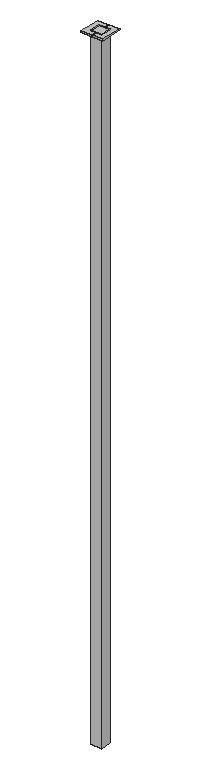
Revit family "Haworth_UniGroupToo_CableManagementPole", category Furniture Systems, Revit 2018
Family settings
  Round Connector Dimension = Use Diameter
  Part Type = Normal
  OmniClass Number = 23.40.70.14.64.21
  OmniClass Title = Systems Furniture
  Work Plane-Based = No
  Always vertical = Yes
  Cut with Voids When Loaded = No
  Shared = No
  Room Calculation Point = No
Parameters (values of type "Pole")
  Width = 2"  # constant formula
  Warranty = "http://www.haworth.com/resources/product-info/warranties"
  URL - Product = "http://www.haworth.com/products/workspaces/panel-based/unigroup-too"
  URL = "www.haworth.com"
  Trim Finish = Haworth _ Metal _ Brushed Aluminum
  Trim Depth = 2"  # constant formula
  Top Trim Height = 1/2"  # constant formula
  Sustainability Info = "http://www.haworth.com/company-info/sustainability"
  Size = "Verify Final Dim. w/ Haworth"  # constant formula
  Revision Number = "2"  # constant formula
  Raceway Panel Width = Actual Width  # 2"
  Raceway Panel Height = 4"  # constant formula
  Offset Front = 4 3/8"  # constant formula
  Model = "Haworth - UniGroup Too - Cable Management Pole"  # constant formula
  Glide Height = 3/8"  # constant formula
  Description = "Haworth - UniGroup Too - Cable Management Pole"  # constant formula
  Custom Size = not(or(Pole Length = 70", Pole Length = 124"))  # yes
  Panel Depth = 1/2"  # constant formula
  Ceiling Height = 120"
  Actual Width = if(Width < Min. Width, Min. Width, if(Width > Max. Width, Max. Width, Width))  # 2"
  Actual Height = if(Pole Length < Min. Height, Min. Height, if(Pole Length > Max. Height, Max. Height, Pole Length))  # 119 5/8"
  Standard Pole Lengths = "70, 124 inches"  # constant formula
  Min. Width = 2"  # constant formula
  Max. Width = 2"  # constant formula
  Min. Height = 70"  # constant formula
  Max. Height = 120"  # constant formula
  Manufacturer = "Haworth"  # constant formula
  Pole Length = 119 5/8"  # constant formula
  Bottom Trim Width = 3/8"  # constant formula
  Author = "Haworth (Hampton)"  # constant formula
  Assembly Code = "E2020500"
Reference planes (in)
  plane 1 "Center F/B": y = 0
  plane 2: z = 0.375
  plane 3 "Center L/R": x = 0.09607
  plane 4 "Left": x = -0.90393
  plane 5 "Right": x = 1.09607
  plane 6 "Front": y = -1
  plane 7 "Back": y = 1
  plane 8 "Raceway Top Back": z = 0.375
  plane 9 "Top of Panel": z = 120
  plane 10 "Ceiling Bottom": z = 120
  plane 11 "Raceway Inside Left": y = -0.845
  plane 12 "Raceway Inside Right": y = 0.845
  plane 13 "Side Rail Left": x = -0.27893
  plane 14 "Side Rail Right": x = 0.47107
  plane 15 "End Cap Left": x = -0.84143
  plane 16 "End Cap Right": x = 1.03357
  plane 17 "Ceiling Support Bottom": z = 119.75
  plane 18: x = 2.09607
  plane 19: x = -1.90393
  plane 20: x = 1.09607
  plane 21: x = -0.90393
  plane 22: x = 0.09607
  plane 23: y = 1
  plane 24: y = -1
  plane 25: y = -2
  plane 26: y = 2
Forms (in)
  Extrusion 1, solid, material "Haworth _ Metal _ Brushed Aluminum" <- "Trim Finish"
    sketch origin (0, 0, 0) x (1, 0, 0) y (0, 1, 0)
      loop
        line (-0.90393, 1) -> (-0.90393, -1) -> (1.09607, -1) -> (1.09607, 1) -> (-0.90393, 1)
    from 0.375 to 120
  Extrusion 2, solid, material "Haworth _ Metal _ Brushed Aluminum" <- "Trim Finish"
    sketch origin (0, 0, 0) x (1, 0, 0) y (0, 1, 0)
      loop
        line (0.09607, 1) -> (0.09607, 2) -> (-1.90393, 2) -> (-1.90393, -2) -> (0.09607, -2) -> (0.09607, -1) -> (-0.90393, -1) -> (-0.90393, 1) -> (0.09607, 1)
    from 119.75 to 120
  Extrusion 3, solid, material "Haworth _ Metal _ Brushed Aluminum" <- "Trim Finish"
    sketch origin (0.19215, 0, 0) x (-1, 0, 0) y (0, -1, 0)
      loop
        line (0.09607, -1) -> (-0.90393, -1) -> (-0.90393, 1) -> (0.09607, 1) -> (0.09607, 2) -> (-1.90393, 2) -> (-1.90393, -2) -> (0.09607, -2) -> (0.09607, -1)
    from 119.75 to 120
Lines and regions (in)
  Masking region 1
    outline origin (0, 0, 0) x (1, 0, 0) y (0, 1, 0)
      loop
        line (-0.90393, 1) -> (-0.90393, -1) -> (1.09607, -1) -> (1.09607, 1) -> (-0.90393, 1)
Dimensions and locks (in)
  equal spacing: plane 4 "Left", plane 3 "Center L/R", plane 5 "Right"
  "Actual Width": plane 4 "Left" to plane 5 "Right"
  equal spacing: plane 7 "Back", plane 1 "Center F/B", plane 6 "Front"
  "Trim Depth": plane 7 "Back" to plane 6 "Front"
  locked: plane 13 "Side Rail Left" to plane 4 "Left" at 0.625
  locked: plane 5 "Right" to plane 14 "Side Rail Right" at 0.625
  locked: plane 5 "Right" to plane 16 "End Cap Right" at 0.0625
  locked: plane 15 "End Cap Left" to plane 4 "Left" at 0.0625
  "Pole Length": plane 9 "Top of Panel" to plane 8 "Raceway Top Back"
  "Glide Height": plane 8 "Raceway Top Back" to level
  "Ceiling Height": plane 10 "Ceiling Bottom" to level
  plane 3 "Center L/R" to Extrusion 2 = 2"
  Extrusion 1 to Extrusion 3 = 3"
  plane 10 "Ceiling Bottom" to plane 17 "Ceiling Support Bottom" = 1/4"
  aligned and locked: plane 7 "Back" to Extrusion 1 sketch curve
  aligned and locked: plane 5 "Right" to Extrusion 1 sketch curve
  aligned and locked: Extrusion 1 sketch curve to plane 6 "Front"
  aligned and locked: Extrusion 1 sketch curve to plane 4 "Left"
  aligned and locked: plane 9 "Top of Panel" to Extrusion 1
  aligned and locked: Extrusion 1 to plane 8 "Raceway Top Back"
  aligned and locked: plane 10 "Ceiling Bottom" to Extrusion 2
  aligned and locked: Extrusion 2 to Extrusion 3
  aligned and locked: plane 10 "Ceiling Bottom" to Extrusion 3
  aligned and locked: Extrusion 3 to plane 17 "Ceiling Support Bottom"
  aligned and locked: plane 18 to Extrusion 3
  aligned and locked: Extrusion 2 to plane 19
  aligned and locked: Extrusion 3 to plane 20
  aligned and locked: Extrusion 3 to plane 22  (x2)
  aligned and locked: plane 21 to Extrusion 2
  aligned and locked: plane 22 to Extrusion 2  (x2)
  aligned and locked: Extrusion 3 to plane 25
  aligned and locked: plane 24 to Extrusion 3
  aligned and locked: plane 26 to Extrusion 3
  aligned and locked: Extrusion 3 to plane 23
  aligned and locked: Extrusion 2 to plane 23
  aligned and locked: plane 26 to Extrusion 2
  aligned and locked: Extrusion 2 to plane 25
  aligned and locked: plane 24 to Extrusion 2
Automatic sketch dimensions
  Masking region 1 sketch curve to plane 4 "Left" = 0"
  Masking region 1 sketch curve to plane 5 "Right" = 0"
  Masking region 1 sketch curve to plane 6 "Front" = 0"
  Masking region 1 sketch curve to plane 7 "Back" = 0"
  plane 4 "Left" to Extrusion 2 sketch curve = 0"
  plane 3 "Center L/R" to Extrusion 2 sketch curve = 0"  (x2)
  plane 6 "Front" to Extrusion 2 sketch curve = 0"
  Extrusion 2 sketch curve to plane 7 "Back" = 0"
  Extrusion 2 sketch curve to plane 4 "Left" = 1"
  Extrusion 2 sketch curve to plane 6 "Front" = 1"
  plane 7 "Back" to Extrusion 2 sketch curve = 1"
  Extrusion 3 sketch curve to plane 5 "Right" = 0"
  plane 3 "Center L/R" to Extrusion 3 sketch curve = 0"  (x2)
  Extrusion 3 sketch curve to plane 6 "Front" = 0"
  plane 7 "Back" to Extrusion 3 sketch curve = 0"
  Extrusion 3 sketch curve to plane 5 "Right" = 1"
  plane 6 "Front" to Extrusion 3 sketch curve = 1"
  Extrusion 3 sketch curve to plane 7 "Back" = 1"
